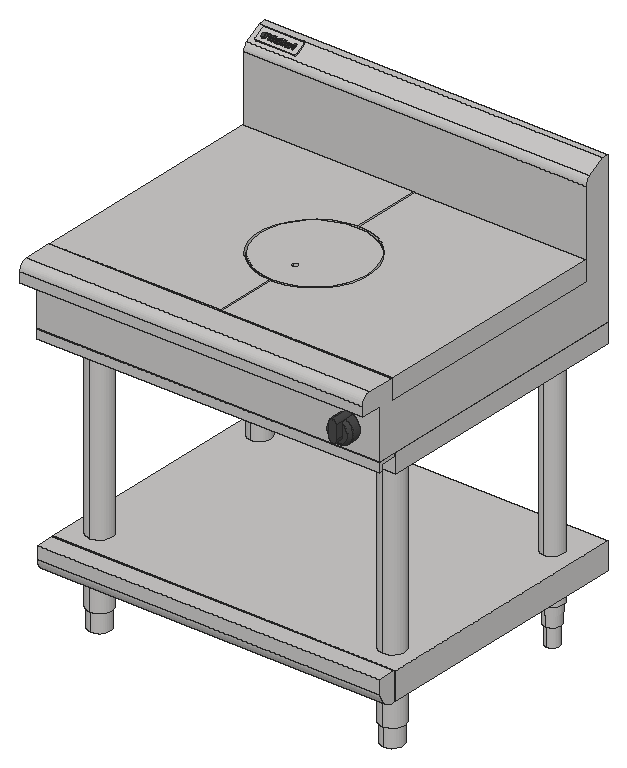
Revit family "QF_MOFFAT WALDORF_RN8100G-LS", category Specialty Equipment, Revit 2012
Parameters
  Width = 900 mm
  Weight in Pounds = 392.4224
  URL Cutsheet = "www.moffat.com"
  URL = "www.moffat.com"
  Type Mark [instance] = ""
  Status [instance] = ""
  Specification by User [instance] = ""
  Specification by Manufacturer = ""
  Show Logo [instance] = yes
  Show Clearance [instance] = yes
  Serial Number = ""
  Seismic Rating = ""
  SMACNA No = ""
  Revision Code [instance] = ""
  Omniclass Number and Title = ""
  NAFEM Spec ID Number = ""
  Model = "RN8100G-LS"
  Mechanical Remarks = ""
  Mechanical Connection Type [instance] = ""
  Masterspec = ""
  Manufacturer = "MOFFAT WALDORF"
  Item Number [instance] = ""
  Installed By [instance] = ""
  Identify Quantity as Lot [instance] = yes
  Height = 1130 mm
  Gas Size = 3/4"
  Gas RI Height [instance] = 0 mm
  Gas KW [instance] = 12.5
  Gas Input [instance] = 42652.0 Btu/h
  Gas Connection Height = 0 mm
  Furnished By [instance] = ""
  Foodservice Equipment Identifier [instance] = yes
  Description = "TARGET TOP GAS HOB ON LEG STAND"
  Depth = 805 mm
  CSI MasterFormat = ""
  CSI Master Format = ""
Reference planes
  plane 1 "BACK": y = 0
  plane 2: z = 0
  plane 3 "LEFT": x = 0
  plane 4 "RIGHT": x = 900
  plane 5 "FRONT": y = -805
  plane 6 "TOP": z = 1130
  plane 7 "Center Y": x = 450
  plane 8 "Center X": y = -402.5
  plane 9: x = 280
  plane 10: y = -574.272
  plane 11: x = 60
  plane 12: y = -304.972
  plane 13: y = -364.972
  plane 14: x = 74
  plane 15: y = -805
  plane 16: x = 834.5
  plane 17: y = -32
  plane 18: z = 655
Forms (mm)
  Extrusion 1, solid, material "QF_Finishes_Stainless Steel"
    sketch origin (0, 0, 0) x (0, 1, 0) y (0, 0, 1)
      loop
        line (0, 150) -> (0, 222.5) -> (-696.73, 222.5) -> (-696.73, 150) -> (0, 150)
      loop
        line (-16.5, 1130) -> (-58.709, 1105.631)
        arc (-58.709, 1105.631) -> (-66.975, 1097.365) -> (-70, 1086.074) r 22.582
        line (-70, 1086.074) -> (-70, 861.8) -> (-709, 861.8) -> (-709, 915) -> (-781, 915)
        arc (-781, 915) -> (-797.971, 907.971) -> (-805, 891) r 24
        line (-805, 891) -> (-805, 866) -> (-749, 866) -> (-749, 736.219) -> (0, 736.219) -> (0, 1130) -> (-16.5, 1130)
      loop
        line (-700.93, 150.071) -> (-700.93, 222.5) -> (-746.73, 222.5) -> (-746.73, 188)
        arc (-746.73, 188) -> (-731.317, 159.995) -> (-700.93, 150.071) r 43.526
      loop
        line (-749, 710) -> (-740.224, 710) -> (-742.613, 726.999) -> (-700.93, 726.999) -> (-700.93, 734.003) -> (-749, 734.003) -> (-749, 710)
      loop
        line (-696.73, 734.003) -> (-696.73, 684.003) -> (0, 684.003) -> (0, 734.003) -> (-696.73, 734.003)
    from 0 to 900
  Extrusion 2, solid, material "QF_Finishes_Stainless Steel"
    sketch origin (0, 0, 0) x (0, 1, 0) y (0, 0, 1)
      loop
        line (-72.734, 915) -> (-705.7, 915) -> (-705.7, 862.8) -> (-72.734, 862.8) -> (-72.734, 915)
    from 0 to 900
  Revolve 3, solid, material "QF_Finishes_Black"
    sketch origin (824.351, 38.874, 1.132) x (0, 1, 0) y (0, 0, 1)
      loop
        line (-820.874, 829.5) -> (-831.874, 823.651) -> (-831.874, 797) -> (-787.874, 797) -> (-787.874, 802) -> (-797.874, 802) -> (-797.874, 829.5) -> (-820.874, 829.5)
      axis (-831.874, 797) -> (-787.874, 797)
    angle from 0 to 360
  Extrusion 4, solid, material "QF_Finishes_Black"
    sketch origin (676.544, 0, 1.132) x (1, 0, 0) y (0, 0, 1)
      loop
        line (158.3, 789) -> (158.3, 824)
        arc (158.3, 824) -> (148.3, 834) -> (138.3, 824) r 10
        line (138.3, 824) -> (138.3, 789)
        arc (138.3, 789) -> (148.3, 779) -> (158.3, 789) r 10
    from 759 to 808
  Extrusion 5, void
    sketch origin (0, -138, 915) x (1, 0, 0) y (0, -1, 0)
      loop
        circle (450, 262.2) r 140
      loop
        arc (452.2, 117.22) -> (594.802, 262.404) -> (451.798, 407.193) r 145.003
        line (451.798, 407.193) -> (451.798, 567.7) -> (447.7, 567.7) -> (447.7, 407.17)
        arc (447.7, 407.17) -> (305.533, 262.063) -> (447.967, 117.217) r 145.002
        line (447.967, 117.217) -> (447.967, -65.266) -> (452.2, -65.266) -> (452.2, 117.22)
      loop
        circle (450, 324.79) r 7.524
    from 0 to 10
  Revolve 6, solid, material "QF_Finishes_Stainless Steel"
    sketch origin (834.5, -165, 0) x (0, 1, 0) y (0, 0, -1)
      loop
        line (43.25, -50) -> (41.418, -102.468) -> (36.406, -102.468) -> (36.406, -150) -> (65, -150) -> (65, 0) -> (47.5, 0) -> (47.5, -50) -> (43.25, -50)
      loop
        line (65, -222.5) -> (36.406, -222.5) -> (36.406, -684.003) -> (65, -684.003) -> (65, -222.5)
      axis (65, -684.003) -> (65, 0)
    angle from 0 to 360
  Revolve 7, solid, material "QF_Finishes_Stainless Steel"
    sketch origin (834.5, -696.126, 0) x (0, 1, 0) y (0, 0, -1)
      loop
        line (39.376, -150) -> (71.126, -150) -> (71.126, 0) -> (43.626, 0) -> (43.626, -50) -> (39.376, -50) -> (39.376, -150)
      loop
        line (71.126, -222.5) -> (39.376, -222.5) -> (39.376, -684.003) -> (71.126, -684.003) -> (71.126, -222.5)
      axis (71.126, -684.003) -> (71.126, 0)
    angle from 0 to 360
  Revolve 8, solid, material "QF_Finishes_Stainless Steel"
    sketch origin (65.5, -165, 0) x (0, 1, 0) y (0, 0, 1)
      loop
        line (41.418, 102.468) -> (43.25, 50) -> (47.5, 50) -> (47.5, 0) -> (65, 0) -> (65, 150) -> (36.406, 150) -> (36.406, 102.468) -> (41.418, 102.468)
      loop
        line (36.406, 684.003) -> (36.406, 222.5) -> (65, 222.5) -> (65, 684.003) -> (36.406, 684.003)
      axis (65, 684.003) -> (65, 0)
    angle from 0 to 360
  Revolve 9, solid, material "QF_Finishes_Stainless Steel"
    sketch origin (65.5, -696.126, 0) x (0, 1, 0) y (0, 0, 1)
      loop
        line (39.376, 150) -> (39.376, 50) -> (43.626, 50) -> (43.626, 0) -> (71.126, 0) -> (71.126, 150) -> (39.376, 150)
      loop
        line (71.126, 222.5) -> (71.126, 684.003) -> (39.376, 684.003) -> (39.376, 222.5) -> (71.126, 222.5)
      axis (71.126, 684.003) -> (71.126, 0)
    angle from 0 to 360
  Extrusion 10, solid, material "QF_Finishes_Stainless Steel"
    sketch origin (-64.5, 0, 325) x (1, 0, 0) y (0, 1, 0)
      loop
        circle (834.5, -32) r 10
    from 330 to 355
Cuts and joins
  Extrusion 5 cuts Extrusion 1
  Extrusion 5 cuts Extrusion 2
Lines and regions (mm)
  Split face 1
    outline origin (0, -16.5, 1130) x (0, -0.866025, -0.5) y (1, 0, 0)
      loop
        line (1.962, 129.583) -> (34.599, 129.583) -> (34.599, 149.583) -> (1.962, 149.583) -> (1.962, 129.583)
  Split face 2
    outline origin (0, -16.5, 1130) x (0, -0.866025, -0.5) y (1, 0, 0)
      loop
        line (34.599, 156.5) -> (34.599, 176.5) -> (1.962, 176.5) -> (1.962, 156.5) -> (34.599, 156.5)
  Split face 3
    outline origin (0, -16.5, 1130) x (0, -0.866025, -0.5) y (1, 0, 0)
      loop
        line (34.599, 203.5) -> (1.962, 203.5) -> (1.962, 183.5) -> (34.599, 183.5) -> (34.599, 203.5)
  Split face 4
    outline origin (0, -16.5, 1130) x (0, -0.866025, -0.5) y (1, 0, 0)
      loop
        line (34.599, 230.5) -> (1.962, 230.5) -> (1.962, 210.5) -> (34.599, 210.5) -> (34.599, 230.5)
  Split face 5
    outline origin (0, -16.5, 1130) x (0, -0.866025, -0.5) y (1, 0, 0)
      loop
        line (34.599, 257.5) -> (1.962, 257.5) -> (1.962, 237.5) -> (34.599, 237.5) -> (34.599, 257.5)
  Split face 6
    outline origin (0, -16.5, 1130) x (0, -0.866025, -0.5) y (1, 0, 0)
      loop
        line (34.599, 264.5) -> (34.599, 284.5) -> (1.962, 284.5) -> (1.962, 264.5) -> (34.599, 264.5)
  Split face 7
    outline origin (0, -16.5, 1130) x (0, -0.866025, -0.5) y (1, 0, 0)
      loop
        line (34.599, 311.5) -> (1.962, 311.5) -> (1.962, 291.5) -> (34.599, 291.5) -> (34.599, 311.5)
  Split face 8
    outline origin (0, -16.5, 1130) x (0, -0.866025, -0.5) y (1, 0, 0)
      loop
        line (1.962, 638.5) -> (1.962, 618.5) -> (34.599, 618.5) -> (34.599, 638.5) -> (1.962, 638.5)
  Split face 9
    outline origin (0, -16.5, 1130) x (0, -0.866025, -0.5) y (1, 0, 0)
      loop
        line (1.962, 645.5) -> (34.599, 645.5) -> (34.599, 665.5) -> (1.962, 665.5) -> (1.962, 645.5)
  Split face 10
    outline origin (0, -16.5, 1130) x (0, -0.866025, -0.5) y (1, 0, 0)
      loop
        line (34.599, 672.5) -> (34.599, 692.5) -> (1.962, 692.5) -> (1.962, 672.5) -> (34.599, 672.5)
  Split face 11
    outline origin (0, -16.5, 1130) x (0, -0.866025, -0.5) y (1, 0, 0)
      loop
        line (34.599, 699.5) -> (34.599, 719.5) -> (1.962, 719.5) -> (1.962, 699.5) -> (34.599, 699.5)
  Split face 12
    outline origin (0, -16.5, 1130) x (0, -0.866025, -0.5) y (1, 0, 0)
      loop
        line (34.599, 726.5) -> (34.599, 746.5) -> (1.962, 746.5) -> (1.962, 726.5) -> (34.599, 726.5)
  Split face 13
    outline origin (0, -16.5, 1130) x (0, -0.866025, -0.5) y (1, 0, 0)
      loop
        line (1.962, 753.5) -> (34.599, 753.5) -> (34.599, 773.5) -> (1.962, 773.5) -> (1.962, 753.5)
  Split face 14
    outline origin (29.312, -16.5, 1130) x (0, -0.866025, -0.5) y (1, 0, 0)
      loop
        line (34.599, 311.5) -> (1.962, 311.5) -> (1.962, 291.5) -> (34.599, 291.5) -> (34.599, 311.5)
  Split face 15
    outline origin (58.539, -16.5, 1130) x (0, -0.866025, -0.5) y (1, 0, 0)
      loop
        line (34.599, 311.5) -> (1.962, 311.5) -> (1.962, 291.5) -> (34.599, 291.5) -> (34.599, 311.5)
  Split face 16
    outline origin (85.538, -16.5, 1130) x (0, -0.866025, -0.5) y (1, 0, 0)
      loop
        line (34.599, 311.5) -> (1.962, 311.5) -> (1.962, 291.5) -> (34.599, 291.5) -> (34.599, 311.5)
  Split face 17
    outline origin (111.014, -16.5, 1130) x (0, -0.866025, -0.5) y (1, 0, 0)
      loop
        line (34.599, 311.5) -> (1.962, 311.5) -> (1.962, 291.5) -> (34.599, 291.5) -> (34.599, 311.5)
  Split face 18
    outline origin (137.462, -16.5, 1130) x (0, -0.866025, -0.5) y (1, 0, 0)
      loop
        line (34.599, 311.5) -> (1.962, 311.5) -> (1.962, 291.5) -> (34.599, 291.5) -> (34.599, 311.5)
  Split face 19
    outline origin (163.546, -16.5, 1130) x (0, -0.866025, -0.5) y (1, 0, 0)
      loop
        line (34.599, 311.5) -> (1.962, 311.5) -> (1.962, 291.5) -> (34.599, 291.5) -> (34.599, 311.5)
  Split face 20
    outline origin (189.443, -16.5, 1130) x (0, -0.866025, -0.5) y (1, 0, 0)
      loop
        line (34.599, 311.5) -> (1.962, 311.5) -> (1.962, 291.5) -> (34.599, 291.5) -> (34.599, 311.5)
  Split face 21
    outline origin (215.891, -16.5, 1130) x (0, -0.866025, -0.5) y (1, 0, 0)
      loop
        line (34.599, 311.5) -> (1.962, 311.5) -> (1.962, 291.5) -> (34.599, 291.5) -> (34.599, 311.5)
  Split face 22
    outline origin (246.196, -16.5, 1130) x (0, -0.866025, -0.5) y (1, 0, 0)
      loop
        line (34.599, 311.5) -> (1.962, 311.5) -> (1.962, 291.5) -> (34.599, 291.5) -> (34.599, 311.5)
  Split face 23
    outline origin (274.297, -16.5, 1130) x (0, -0.866025, -0.5) y (1, 0, 0)
      loop
        line (34.599, 311.5) -> (1.962, 311.5) -> (1.962, 291.5) -> (34.599, 291.5) -> (34.599, 311.5)
  Split face 24
    outline origin (299.643, -16.5, 1130) x (0, -0.866025, -0.5) y (1, 0, 0)
      loop
        line (34.599, 311.5) -> (1.962, 311.5) -> (1.962, 291.5) -> (34.599, 291.5) -> (34.599, 311.5)
  symbolic lines
    curve 1: line (0, 0, 0) -> (0, -805, 0)
    curve 2: line (900, 0, 0) -> (0, 0, 0)
    curve 3: line (900, -805, 0) -> (900, 0, 0)
    curve 4: line (0, -70, 0) -> (900, -70, 0)
    curve 5: line (12.5, -51.234, 0) -> (12.5, -20.958, 0)
    curve 6: line (12.5, -20.958, 0) -> (121.5, -20.958, 0)
    curve 7: line (12.5, -51.234, 0) -> (121.5, -51.234, 0)
    curve 8: line (121.5, -20.958, 0) -> (121.5, -51.234, 0)
    curve 9: line (129.583, -22.262, 0) -> (129.583, -50.526, 0)
    curve 10: line (129.583, -50.526, 0) -> (149.583, -50.526, 0)
    curve 11: line (149.583, -50.526, 0) -> (149.583, -22.262, 0)
    curve 12: line (149.583, -22.262, 0) -> (129.583, -22.262, 0)
    curve 13: line (156.5, -22.262, 0) -> (156.5, -50.526, 0)
    curve 14: line (156.5, -50.526, 0) -> (176.5, -50.526, 0)
    curve 15: line (176.5, -50.526, 0) -> (176.5, -22.262, 0)
    curve 16: line (176.5, -22.262, 0) -> (156.5, -22.262, 0)
    curve 17: line (183.5, -22.262, 0) -> (183.5, -50.526, 0)
    curve 18: line (183.5, -50.526, 0) -> (203.5, -50.526, 0)
    curve 19: line (203.5, -50.526, 0) -> (203.5, -22.262, 0)
    curve 20: line (203.5, -22.262, 0) -> (183.5, -22.262, 0)
    curve 21: line (210.5, -22.262, 0) -> (210.5, -50.526, 0)
    curve 22: line (210.5, -50.526, 0) -> (230.5, -50.526, 0)
    curve 23: line (230.5, -50.526, 0) -> (230.5, -22.262, 0)
    curve 24: line (230.5, -22.262, 0) -> (210.5, -22.262, 0)
    curve 25: line (900, -805, 0) -> (0, -805, 0)
    curve 26: line (237.5, -22.262, 0) -> (237.5, -50.526, 0)
    curve 27: line (237.5, -50.526, 0) -> (257.5, -50.526, 0)
    curve 28: line (257.5, -50.526, 0) -> (257.5, -22.262, 0)
    curve 29: line (257.5, -22.262, 0) -> (237.5, -22.262, 0)
    curve 30: line (264.417, -22.262, 0) -> (264.417, -50.526, 0)
    curve 31: line (264.417, -50.526, 0) -> (284.417, -50.526, 0)
    curve 32: line (284.417, -50.526, 0) -> (284.417, -22.262, 0)
    curve 33: line (284.417, -22.262, 0) -> (264.417, -22.262, 0)
    curve 34: line (291.417, -22.262, 0) -> (291.417, -50.526, 0)
    curve 35: line (291.417, -50.526, 0) -> (311.417, -50.526, 0)
    curve 36: line (311.417, -50.526, 0) -> (311.417, -22.262, 0)
    curve 37: line (311.417, -22.262, 0) -> (291.417, -22.262, 0)
    curve 38: line (318.417, -22.262, 0) -> (318.417, -50.526, 0)
    curve 39: line (318.417, -50.526, 0) -> (338.417, -50.526, 0)
    curve 40: line (338.417, -50.526, 0) -> (338.417, -22.262, 0)
    curve 41: line (338.417, -22.262, 0) -> (318.417, -22.262, 0)
    curve 42: line (350.039, -22.262, 0) -> (350.039, -50.526, 0)
    curve 43: line (350.039, -50.526, 0) -> (370.039, -50.526, 0)
    curve 44: line (370.039, -50.526, 0) -> (370.039, -22.262, 0)
    curve 45: line (370.039, -22.262, 0) -> (350.039, -22.262, 0)
    curve 46: line (376.956, -22.262, 0) -> (376.956, -50.526, 0)
    curve 47: line (376.956, -50.526, 0) -> (396.956, -50.526, 0)
    curve 48: line (396.956, -50.526, 0) -> (396.956, -22.262, 0)
    curve 49: line (396.956, -22.262, 0) -> (376.956, -22.262, 0)
    curve 50: line (403.956, -22.262, 0) -> (403.956, -50.526, 0)
    curve 51: line (403.956, -50.526, 0) -> (423.956, -50.526, 0)
    curve 52: line (423.956, -50.526, 0) -> (423.956, -22.262, 0)
    curve 53: line (423.956, -22.262, 0) -> (403.956, -22.262, 0)
    curve 54: line (430.956, -22.262, 0) -> (430.956, -50.526, 0)
    curve 55: line (430.956, -50.526, 0) -> (450.956, -50.526, 0)
    curve 56: line (450.956, -50.526, 0) -> (450.956, -22.262, 0)
    curve 57: line (450.956, -22.262, 0) -> (430.956, -22.262, 0)
    curve 58: line (457.956, -22.262, 0) -> (457.956, -50.526, 0)
    curve 59: line (457.956, -50.526, 0) -> (477.956, -50.526, 0)
    curve 60: line (477.956, -50.526, 0) -> (477.956, -22.262, 0)
    curve 61: line (477.956, -22.262, 0) -> (457.956, -22.262, 0)
    curve 62: line (484.872, -22.262, 0) -> (484.872, -50.526, 0)
    curve 63: line (484.872, -50.526, 0) -> (504.872, -50.526, 0)
    curve 64: line (504.872, -50.526, 0) -> (504.872, -22.262, 0)
    curve 65: line (504.872, -22.262, 0) -> (484.872, -22.262, 0)
    curve 66: line (511.872, -22.262, 0) -> (511.872, -50.526, 0)
    curve 67: line (511.872, -50.526, 0) -> (531.872, -50.526, 0)
    curve 68: line (531.872, -50.526, 0) -> (531.872, -22.262, 0)
    curve 69: line (531.872, -22.262, 0) -> (511.872, -22.262, 0)
    curve 70: line (538.872, -22.262, 0) -> (538.872, -50.526, 0)
    curve 71: line (538.872, -50.526, 0) -> (558.872, -50.526, 0)
    curve 72: line (558.872, -50.526, 0) -> (558.872, -22.262, 0)
    curve 73: line (558.872, -22.262, 0) -> (538.872, -22.262, 0)
    curve 74: line (565.797, -22.262, 0) -> (565.797, -50.526, 0)
    curve 75: line (565.797, -50.526, 0) -> (585.797, -50.526, 0)
    curve 76: line (585.797, -50.526, 0) -> (585.797, -22.262, 0)
    curve 77: line (585.797, -22.262, 0) -> (565.797, -22.262, 0)
    curve 78: line (592.714, -22.262, 0) -> (592.714, -50.526, 0)
    curve 79: line (592.714, -50.526, 0) -> (612.714, -50.526, 0)
    curve 80: line (612.714, -50.526, 0) -> (612.714, -22.262, 0)
    curve 81: line (612.714, -22.262, 0) -> (592.714, -22.262, 0)
    curve 82: line (619.714, -22.262, 0) -> (619.714, -50.526, 0)
    curve 83: line (619.714, -50.526, 0) -> (639.714, -50.526, 0)
    curve 84: line (639.714, -50.526, 0) -> (639.714, -22.262, 0)
    curve 85: line (639.714, -22.262, 0) -> (619.714, -22.262, 0)
    curve 86: line (646.714, -22.262, 0) -> (646.714, -50.526, 0)
    curve 87: line (646.714, -50.526, 0) -> (666.714, -50.526, 0)
    curve 88: line (666.714, -50.526, 0) -> (666.714, -22.262, 0)
    curve 89: line (666.714, -22.262, 0) -> (646.714, -22.262, 0)
    curve 90: line (673.714, -22.262, 0) -> (673.714, -50.526, 0)
    curve 91: line (673.714, -50.526, 0) -> (693.714, -50.526, 0)
    curve 92: line (693.714, -50.526, 0) -> (693.714, -22.262, 0)
    curve 93: line (693.714, -22.262, 0) -> (673.714, -22.262, 0)
    curve 94: line (700.631, -22.262, 0) -> (700.631, -50.526, 0)
    curve 95: line (700.631, -50.526, 0) -> (720.631, -50.526, 0)
    curve 96: line (720.631, -50.526, 0) -> (720.631, -22.262, 0)
    curve 97: line (720.631, -22.262, 0) -> (700.631, -22.262, 0)
    curve 98: line (727.631, -22.262, 0) -> (727.631, -50.526, 0)
    curve 99: line (727.631, -50.526, 0) -> (747.631, -50.526, 0)
    curve 100: line (747.631, -50.526, 0) -> (747.631, -22.262, 0)
    curve 101: line (747.631, -22.262, 0) -> (727.631, -22.262, 0)
    curve 102: line (754.631, -22.262, 0) -> (754.631, -50.526, 0)
    curve 103: line (754.631, -50.526, 0) -> (774.631, -50.526, 0)
    curve 104: line (774.631, -50.526, 0) -> (774.631, -22.262, 0)
    curve 105: line (774.631, -22.262, 0) -> (754.631, -22.262, 0)
    curve 106: line (447.967, -72.734, 0) -> (447.967, -255.217, 0)
    curve 107: arc (452.2, -255.22, 0) -> (594.802, -400.404, 0) -> (451.798, -545.193, 0) r 145.003
    curve 108: line (452.2, -255.22, 0) -> (452.2, -72.734, 0)
    curve 109: arc (590, -400.2, 0) -> (450, -260.2, 0) -> (310, -400.2, 0) r 140
    curve 110: arc (447.7, -545.17, 0) -> (305.533, -400.063, 0) -> (447.967, -255.217, 0) r 145.002
    curve 111: arc (310, -400.2, 0) -> (450, -540.2, 0) -> (590, -400.2, 0) r 140
    curve 112: line (451.798, -705.7, 0) -> (451.798, -545.193, 0)
    curve 113: line (447.7, -545.17, 0) -> (447.7, -705.7, 0)
    curve 114: line (900, -709, 0) -> (0, -709, 0)
    curve 115: line (0, -705.7, 0) -> (900, -705.7, 0)
    curve 116: line (900, -72.734, 0) -> (0, -72.734, 0)
    curve 117: arc (442.476, -462.79, 0) -> (450, -455.266, 0) -> (457.524, -462.79, 0) r 7.524
    curve 118: arc (457.524, -462.79, 0) -> (450, -470.314, 0) -> (442.476, -462.79, 0) r 7.524
Dimensions and locks
  equal spacing: plane 3 "LEFT", plane 7 "Center Y", plane 4 "RIGHT"
  "Width": plane 3 "LEFT" to plane 4 "RIGHT"
  equal spacing: plane 5 "FRONT", plane 8 "Center X", plane 1 "BACK"
  plane 5 "FRONT" to plane 1 "BACK" = 805 mm  (x2)
  equal spacing: plane 4 "RIGHT", plane 7 "Center Y", plane 3 "LEFT"
  plane 4 "RIGHT" to plane 3 "LEFT" = 900 mm
  "Height": plane 6 "TOP" to level
  plane 10 to plane 1 "BACK" = 574.272 mm
  plane 12 to plane 1 "BACK" = 304.972 mm  (x2)
  plane 11 to plane 3 "LEFT" = 60 mm
  plane 14 to plane 3 "LEFT" = 74 mm
  plane 9 to plane 3 "LEFT" = 280 mm
  "Depth": plane 1 "BACK" to plane 15
  plane 15 to plane 5 "FRONT" = 0 mm
  plane 6 "TOP" to plane 2 = 1130 mm
  cut or joined group of Extrusion 1, Extrusion 5 to level = 915 mm
  level to cut or joined group of Extrusion 1, Extrusion 5 = 150 mm
  aligned and locked: level to plane 2
  aligned and locked: curve 3 to plane 4 "RIGHT"
  aligned and locked: Extrusion 1 to Extrusion 2  (x2)
Automatic sketch dimensions
  Extrusion 1 to Split face 1 sketch curve = 1.962 mm
  Split face 1 sketch curve to Extrusion 1 = 14.14 mm
  Split face 1 sketch curve to Extrusion 1 = 129.583 mm
  Split face 1 sketch curve to Split face 1 sketch curve = 20 mm
  Extrusion 1 to Split face 2 sketch curve = 1.962 mm
  Split face 2 sketch curve to Extrusion 1 = 14.14 mm
  Split face 2 sketch curve to Extrusion 1 = 156.5 mm
  Split face 2 sketch curve to Split face 2 sketch curve = 20 mm
  Extrusion 1 to Split face 3 sketch curve = 1.962 mm
  Split face 3 sketch curve to Extrusion 1 = 14.14 mm
  Split face 3 sketch curve to Extrusion 1 = 183.5 mm
  Split face 3 sketch curve to Split face 3 sketch curve = 20 mm
  Extrusion 1 to Split face 4 sketch curve = 1.962 mm
  Split face 4 sketch curve to Extrusion 1 = 14.14 mm
  Split face 4 sketch curve to Extrusion 1 = 210.5 mm
  Split face 4 sketch curve to Split face 4 sketch curve = 20 mm
  Extrusion 1 to Split face 5 sketch curve = 1.962 mm
  Split face 5 sketch curve to Extrusion 1 = 14.14 mm
  Split face 5 sketch curve to Extrusion 1 = 237.5 mm
  Split face 5 sketch curve to Split face 5 sketch curve = 20 mm
  Extrusion 1 to Split face 6 sketch curve = 1.962 mm
  Split face 6 sketch curve to Extrusion 1 = 14.14 mm
  Split face 6 sketch curve to Extrusion 1 = 264.5 mm
  Split face 6 sketch curve to Split face 6 sketch curve = 20 mm
  Extrusion 1 to Split face 7 sketch curve = 1.962 mm
  Split face 7 sketch curve to Extrusion 1 = 14.14 mm
  Split face 7 sketch curve to Extrusion 1 = 291.5 mm
  Split face 7 sketch curve to Split face 7 sketch curve = 20 mm
  Extrusion 1 to Split face 8 sketch curve = 1.962 mm
  Split face 8 sketch curve to Extrusion 1 = 14.14 mm
  Split face 8 sketch curve to Extrusion 1 = 281.5 mm
  Split face 8 sketch curve to Split face 8 sketch curve = 20 mm
  Extrusion 1 to Split face 9 sketch curve = 1.962 mm
  Split face 9 sketch curve to Extrusion 1 = 14.14 mm
  Split face 9 sketch curve to Extrusion 1 = 254.5 mm
  Split face 9 sketch curve to Split face 9 sketch curve = 20 mm
  Extrusion 1 to Split face 10 sketch curve = 1.962 mm
  Split face 10 sketch curve to Extrusion 1 = 14.14 mm
  Split face 10 sketch curve to Extrusion 1 = 227.5 mm
  Split face 10 sketch curve to Split face 10 sketch curve = 20 mm
  Extrusion 1 to Split face 11 sketch curve = 1.962 mm
  Split face 11 sketch curve to Extrusion 1 = 14.14 mm
  Split face 11 sketch curve to Extrusion 1 = 200.5 mm
  Split face 11 sketch curve to Split face 11 sketch curve = 20 mm
  Extrusion 1 to Split face 12 sketch curve = 1.962 mm
  Split face 12 sketch curve to Extrusion 1 = 14.14 mm
  Split face 12 sketch curve to Extrusion 1 = 173.5 mm
  Split face 12 sketch curve to Split face 12 sketch curve = 20 mm
  Extrusion 1 to Split face 13 sketch curve = 1.962 mm
  Split face 13 sketch curve to Extrusion 1 = 14.14 mm
  Split face 13 sketch curve to Extrusion 1 = 146.5 mm
  Split face 13 sketch curve to Split face 13 sketch curve = 20 mm
  Extrusion 2 sketch curve to plane 5 "FRONT" = 99.3 mm
  Extrusion 2 sketch curve to plane 17 = 40.734 mm
  plane 18 to Extrusion 2 sketch curve = 207.8 mm
  Extrusion 2 sketch curve to Extrusion 2 sketch curve = 52.2 mm
  Extrusion 1 to Split face 14 sketch curve = 1.962 mm
  Split face 14 sketch curve to Extrusion 1 = 14.14 mm
  Split face 14 sketch curve to Extrusion 1 = 320.812 mm
  Split face 14 sketch curve to Split face 14 sketch curve = 20 mm
  Extrusion 1 to Split face 15 sketch curve = 1.962 mm
  Split face 15 sketch curve to Extrusion 1 = 14.14 mm
  Split face 15 sketch curve to Extrusion 1 = 350.039 mm
  Split face 15 sketch curve to Split face 15 sketch curve = 20 mm
  Extrusion 1 to Split face 16 sketch curve = 1.962 mm
  Split face 16 sketch curve to Extrusion 1 = 14.14 mm
  Split face 16 sketch curve to Extrusion 1 = 377.038 mm
  Split face 16 sketch curve to Split face 16 sketch curve = 20 mm
  Extrusion 1 to Split face 17 sketch curve = 1.962 mm
  Split face 17 sketch curve to Extrusion 1 = 14.14 mm
  Split face 17 sketch curve to Extrusion 1 = 402.514 mm
  Split face 17 sketch curve to Split face 17 sketch curve = 20 mm
  Extrusion 1 to Split face 18 sketch curve = 1.962 mm
  Split face 18 sketch curve to Extrusion 1 = 14.14 mm
  Split face 18 sketch curve to Extrusion 1 = 428.962 mm
  Split face 18 sketch curve to Split face 18 sketch curve = 20 mm
  Extrusion 1 to Split face 19 sketch curve = 1.962 mm
  Split face 19 sketch curve to Extrusion 1 = 14.14 mm
  Split face 19 sketch curve to Extrusion 1 = 444.954 mm
  Split face 19 sketch curve to Split face 19 sketch curve = 20 mm
  Extrusion 1 to Split face 20 sketch curve = 1.962 mm
  Split face 20 sketch curve to Extrusion 1 = 14.14 mm
  Split face 20 sketch curve to Extrusion 1 = 419.057 mm
  Split face 20 sketch curve to Split face 20 sketch curve = 20 mm
  Extrusion 1 to Split face 21 sketch curve = 1.962 mm
  Split face 21 sketch curve to Extrusion 1 = 14.14 mm
  Split face 21 sketch curve to Extrusion 1 = 392.609 mm
  Split face 21 sketch curve to Split face 21 sketch curve = 20 mm
  Extrusion 1 to Split face 22 sketch curve = 1.962 mm
  Split face 22 sketch curve to Extrusion 1 = 14.14 mm
  Split face 22 sketch curve to Extrusion 1 = 362.304 mm
  Split face 22 sketch curve to Split face 22 sketch curve = 20 mm
  Extrusion 1 to Split face 23 sketch curve = 1.962 mm
  Split face 23 sketch curve to Extrusion 1 = 14.14 mm
  Split face 23 sketch curve to Extrusion 1 = 334.203 mm
  Split face 23 sketch curve to Split face 23 sketch curve = 20 mm
  Extrusion 1 to Split face 24 sketch curve = 1.962 mm
  Split face 24 sketch curve to Extrusion 1 = 14.14 mm
  Split face 24 sketch curve to Extrusion 1 = 308.857 mm
  Split face 24 sketch curve to Split face 24 sketch curve = 20 mm
  Revolve 3 sketch curve to plane 5 "FRONT" = 12 mm
  Revolve 3 sketch curve to Revolve 3 sketch curve = 0 mm  (x2)
  Revolve 3 sketch curve to Revolve 3 sketch curve = 11 mm
  Revolve 3 sketch curve to Revolve 3 sketch curve = 12.7 mm
  Revolve 3 sketch curve to Revolve 3 sketch curve = 23 mm
  Revolve 3 sketch curve to Revolve 3 sketch curve = 10 mm
  plane 18 to Revolve 3 sketch curve = 143.132 mm
  Revolve 3 sketch curve to Revolve 3 sketch curve = 5 mm
  Revolve 3 sketch curve to Revolve 3 sketch curve = 26.651 mm
  Revolve 3 sketch curve to Revolve 3 sketch curve = 5.849 mm
  Extrusion 4 sketch curve to plane 16 = 19.656 mm
  Extrusion 4 sketch curve to plane 16 = 9.656 mm
  plane 18 to Extrusion 4 sketch curve = 135.132 mm
  Extrusion 4 sketch curve to Extrusion 4 sketch curve = 35 mm
  Extrusion 5 sketch curve to Extrusion 2 = 0 mm
  Extrusion 2 to Extrusion 5 sketch curve = 0 mm
  Extrusion 2 to Extrusion 5 sketch curve = 160.53 mm
  Extrusion 2 to Extrusion 5 sketch curve = 447.7 mm
  Extrusion 2 to Extrusion 5 sketch curve = 447.967 mm
  Extrusion 5 sketch curve to Extrusion 5 sketch curve = 2.099 mm
  Extrusion 5 sketch curve to Extrusion 5 sketch curve = 0.201 mm  (x2)
  Extrusion 5 sketch curve to Extrusion 5 sketch curve = 0.535 mm
  Extrusion 5 sketch curve to Extrusion 5 sketch curve = 4.098 mm
  Extrusion 5 sketch curve to Extrusion 5 sketch curve = 4.232 mm
  Extrusion 5 sketch curve to Extrusion 5 sketch curve = 0.022 mm
  Extrusion 5 sketch curve to Extrusion 5 sketch curve = 82.38 mm
  Extrusion 5 sketch curve to Extrusion 5 sketch curve = 62.587 mm
  Extrusion 5 sketch curve to Extrusion 5 sketch curve = 0.003 mm
  Extrusion 5 sketch curve to Extrusion 5 sketch curve = 0.004 mm
  Extrusion 10 sketch curve to plane 17 = 0 mm
  Extrusion 10 sketch curve to plane 16 = 64.5 mm
  plane 1 "BACK" to curve 1 = 0 mm
  curve 1 to plane 3 "LEFT" = 0 mm
  curve 117 to plane 7 "Center Y" = 0 mm
  curve 111 to plane 7 "Center Y" = 0 mm
  plane 3 "LEFT" to curve 6 = 12.5 mm
  plane 17 to curve 8 = 11.042 mm
  plane 14 to curve 8 = 47.5 mm
  curve 7 to curve 9 = 8.083 mm
  curve 9 to curve 11 = 20 mm
  curve 10 to curve 13 = 6.917 mm
  curve 13 to curve 15 = 20 mm
  curve 15 to curve 20 = 7 mm
  curve 17 to curve 18 = 20 mm
  curve 19 to curve 24 = 7 mm
  curve 21 to curve 22 = 20 mm
  curve 23 to curve 26 = 7 mm
  plane 17 to curve 28 = 9.738 mm
  curve 26 to curve 28 = 20 mm
  curve 27 to curve 30 = 6.917 mm
  plane 9 to curve 32 = 4.417 mm
  curve 32 to curve 34 = 7 mm
  plane 8 "Center X" to curve 111 = 2.3 mm
  plane 9 to curve 111 = 30 mm
  curve 34 to curve 35 = 20 mm
  curve 35 to curve 39 = 7 mm
  plane 17 to curve 41 = 9.738 mm
  curve 38 to curve 41 = 20 mm
  curve 40 to curve 42 = 11.622 mm
  plane 17 to curve 45 = 9.738 mm
  curve 42 to curve 45 = 20 mm
  curve 43 to curve 47 = 6.917 mm
  curve 46 to curve 48 = 20 mm
  curve 47 to curve 51 = 7 mm
  curve 50 to curve 52 = 20 mm
  curve 51 to curve 55 = 7 mm
  curve 118 to plane 7 "Center Y" = 7.524 mm
  curve 110 to plane 7 "Center Y" = 2.3 mm
  curve 106 to plane 7 "Center Y" = 2.033 mm
  curve 107 to plane 7 "Center Y" = 0.201 mm
  plane 7 "Center Y" to curve 110 = 0.535 mm
  plane 7 "Center Y" to curve 55 = 0.956 mm
  plane 7 "Center Y" to curve 107 = 1.798 mm
  plane 7 "Center Y" to curve 108 = 2.2 mm
  curve 56 to curve 58 = 7 mm
  plane 17 to curve 60 = 9.738 mm
  curve 58 to curve 60 = 20 mm
  curve 60 to curve 62 = 6.917 mm
  curve 62 to curve 64 = 20 mm
  curve 63 to curve 66 = 7 mm
  plane 17 to curve 69 = 9.738 mm
  curve 66 to curve 69 = 20 mm
  curve 67 to curve 70 = 7 mm
  curve 70 to curve 72 = 20 mm
  curve 71 to curve 74 = 6.924 mm
  plane 17 to curve 76 = 9.738 mm
  curve 74 to curve 76 = 20 mm
  curve 76 to curve 78 = 6.917 mm
  curve 78 to curve 80 = 20 mm
  curve 79 to curve 82 = 7 mm
  curve 82 to curve 83 = 20 mm
  curve 84 to curve 86 = 7 mm
  curve 86 to curve 87 = 20 mm
  curve 88 to curve 90 = 7 mm
  curve 90 to curve 91 = 20 mm
  curve 92 to curve 97 = 6.917 mm
  plane 17 to curve 96 = 9.738 mm
  curve 94 to curve 96 = 20 mm
  curve 95 to curve 99 = 7 mm
  curve 98 to curve 99 = 20 mm
  curve 100 to curve 105 = 7 mm
  plane 17 to curve 105 = 9.738 mm
  curve 102 to curve 105 = 20 mm
  curve 3 to curve 114 = 96 mm
  curve 114 to curve 115 = 3.3 mm
  plane 10 to curve 107 = 29.08 mm
  curve 112 to curve 110 = 0.022 mm
  curve 117 to plane 8 "Center X" = 60.29 mm
  curve 107 to curve 109 = 0.003 mm
  curve 109 to curve 110 = 0.004 mm
  curve 106 to plane 17 = 40.734 mm
  curve 116 to curve 4 = 2.734 mm
  curve 5 to plane 17 = 19.234 mm
  curve 17 to plane 17 = 18.526 mm
  curve 26 to plane 17 = 18.526 mm
  curve 15 to curve 17 = 0 mm
  curve 27 to curve 30 = 0 mm
  curve 18 to curve 22 = 0 mm
  curve 11 to curve 13 = 0 mm
  curve 31 to curve 34 = 0 mm
  curve 35 to curve 38 = 0 mm
  curve 104 to plane 17 = 18.526 mm
  curve 39 to curve 42 = 0 mm
  curve 100 to curve 102 = 0 mm
  curve 43 to curve 46 = 0 mm
  curve 96 to curve 98 = 0 mm  (x2)
  curve 47 to curve 50 = 0 mm
  curve 92 to curve 94 = 0 mm
  curve 51 to curve 54 = 0 mm
  curve 88 to curve 90 = 0 mm  (x2)
  curve 55 to curve 58 = 0 mm
  curve 84 to curve 86 = 0 mm  (x2)
  curve 59 to curve 62 = 0 mm
  curve 80 to curve 82 = 0 mm  (x2)
  curve 63 to curve 66 = 0 mm
  curve 76 to curve 78 = 0 mm  (x2)
  curve 67 to curve 70 = 0 mm
  curve 68 to curve 73 = 0 mm
  curve 60 to curve 65 = 0 mm
  plane 17 to curve 57 = 9.738 mm
  plane 17 to curve 53 = 9.738 mm
  curve 44 to curve 49 = 0 mm
  plane 17 to curve 37 = 9.738 mm
  curve 28 to curve 33 = 0 mm
  plane 17 to curve 24 = 9.738 mm
  plane 17 to curve 20 = 9.738 mm
  plane 17 to curve 16 = 9.738 mm
  curve 12 to curve 6 = 1.304 mm
  Extrusion 1 sketch curve to plane 5 "FRONT" = 0 mm
  Extrusion 1 sketch curve to plane 6 "TOP" = 0 mm
  Extrusion 1 sketch curve to plane 1 "BACK" = 0 mm  (x3)
  Extrusion 1 sketch curve to Extrusion 1 sketch curve = 24 mm
  Extrusion 1 sketch curve to plane 5 "FRONT" = 56 mm
  Extrusion 1 sketch curve to Extrusion 1 sketch curve = 0 mm  (x3)
  Extrusion 1 sketch curve to plane 5 "FRONT" = 58.27 mm
  Extrusion 1 sketch curve to Extrusion 1 sketch curve = 6.387 mm
  Extrusion 1 sketch curve to Extrusion 1 sketch curve = 8.776 mm
  Extrusion 1 sketch curve to Extrusion 1 sketch curve = 40 mm
  Extrusion 1 sketch curve to Extrusion 1 sketch curve = 43.174 mm
  Extrusion 1 sketch curve to Extrusion 1 sketch curve = 2.626 mm
  Extrusion 1 sketch curve to Extrusion 1 sketch curve = 41.683 mm
  Extrusion 1 sketch curve to Extrusion 1 sketch curve = 4.2 mm  (x3)
  Extrusion 1 sketch curve to plane 17 = 38 mm
  Extrusion 1 sketch curve to Extrusion 1 sketch curve = 11.291 mm
  Extrusion 1 sketch curve to plane 17 = 15.418 mm
  plane 17 to Extrusion 1 sketch curve = 15.5 mm
  Extrusion 1 sketch curve to plane 6 "TOP" = 24.369 mm
  Extrusion 1 sketch curve to plane 6 "TOP" = 215 mm
  Extrusion 1 sketch curve to Extrusion 1 sketch curve = 25 mm
  plane 18 to Extrusion 1 sketch curve = 81.219 mm
  Extrusion 1 sketch curve to Extrusion 1 sketch curve = 2.216 mm
  Extrusion 1 sketch curve to Extrusion 1 sketch curve = 7.004 mm
  Extrusion 1 sketch curve to Extrusion 1 sketch curve = 16.999 mm
  plane 18 to Extrusion 1 sketch curve = 29.003 mm
  level to Extrusion 1 sketch curve = 222.5 mm
  Extrusion 1 sketch curve to Extrusion 1 sketch curve = 28.982 mm
  Extrusion 1 sketch curve to Extrusion 1 sketch curve = 34.5 mm
  Extrusion 1 sketch curve to Extrusion 1 sketch curve = 0.071 mm
  Revolve 9 sketch curve to level = 0 mm
  plane 18 to Revolve 9 sketch curve = 29.003 mm
  Revolve 9 sketch curve to plane 10 = 82.478 mm
  Revolve 9 sketch curve to Revolve 9 sketch curve = 0 mm  (x2)
  Revolve 9 sketch curve to Revolve 9 sketch curve = 4.25 mm
  Revolve 9 sketch curve to Revolve 9 sketch curve = 27.5 mm
  Revolve 9 sketch curve to Revolve 9 sketch curve = 31.75 mm
  Revolve 9 sketch curve to plane 10 = 50.728 mm
  Revolve 9 sketch curve to level = 55 mm
  Revolve 9 sketch curve to Revolve 9 sketch curve = 50 mm
  Revolve 9 sketch curve to Revolve 9 sketch curve = 100 mm
  Revolve 9 sketch curve to Revolve 9 sketch curve = 72.5 mm
  Revolve 7 sketch curve to level = 0 mm
  Revolve 7 sketch curve to plane 10 = 82.478 mm
  plane 18 to Revolve 7 sketch curve = 29.003 mm
  Revolve 7 sketch curve to Revolve 7 sketch curve = 0 mm  (x2)
  Revolve 7 sketch curve to Revolve 7 sketch curve = 4.25 mm
  Revolve 7 sketch curve to Revolve 7 sketch curve = 27.5 mm
  Revolve 7 sketch curve to Revolve 7 sketch curve = 31.75 mm
  Revolve 7 sketch curve to plane 10 = 50.728 mm
  level to Revolve 7 sketch curve = 222.5 mm
  Revolve 7 sketch curve to Revolve 7 sketch curve = 72.5 mm
  level to Revolve 7 sketch curve = 50 mm
  Revolve 7 sketch curve to Revolve 7 sketch curve = 55 mm
  Revolve 8 sketch curve to level = 0 mm
  Revolve 8 sketch curve to plane 17 = 96.594 mm
  Revolve 8 sketch curve to Revolve 8 sketch curve = 0 mm  (x3)
  Revolve 8 sketch curve to Revolve 8 sketch curve = 5.012 mm
  Revolve 8 sketch curve to Revolve 8 sketch curve = 1.832 mm
  Revolve 8 sketch curve to Revolve 8 sketch curve = 4.25 mm
  Revolve 8 sketch curve to Revolve 8 sketch curve = 28.594 mm  (x2)
  Revolve 8 sketch curve to level = 55 mm
  Revolve 8 sketch curve to Revolve 8 sketch curve = 50 mm
  Revolve 8 sketch curve to Revolve 8 sketch curve = 52.468 mm
  Revolve 8 sketch curve to Revolve 8 sketch curve = 47.532 mm
  Revolve 8 sketch curve to Revolve 8 sketch curve = 72.5 mm
  plane 18 to Revolve 8 sketch curve = 29.003 mm
  Revolve 6 sketch curve to level = 0 mm
  Revolve 6 sketch curve to plane 17 = 96.594 mm
  Revolve 6 sketch curve to Revolve 6 sketch curve = 0 mm  (x2)
  Revolve 6 sketch curve to Revolve 6 sketch curve = 5.012 mm
  Revolve 6 sketch curve to Revolve 6 sketch curve = 1.832 mm
  Revolve 6 sketch curve to Revolve 6 sketch curve = 4.25 mm
  Revolve 6 sketch curve to Revolve 6 sketch curve = 17.5 mm  (x2)
  Revolve 6 sketch curve to Revolve 6 sketch curve = 28.594 mm
  level to Revolve 6 sketch curve = 50 mm
  Revolve 6 sketch curve to Revolve 6 sketch curve = 52.468 mm
  Revolve 6 sketch curve to Revolve 6 sketch curve = 47.532 mm
  Revolve 6 sketch curve to Revolve 6 sketch curve = 72.5 mm
  plane 18 to Revolve 6 sketch curve = 29.003 mm
  Revolve 6 sketch curve to Revolve 6 sketch curve = 55 mm
  plane 5 "FRONT" to curve 25 = 0 mm
  radius of Extrusion 5 sketch curve = 140 mm
  radius of Extrusion 5 sketch curve = 7.524 mm
  radius of Extrusion 10 sketch curve = 10 mm
Nested families
  nested 1: "WALDORF LOGO_FACE BASE" at (12.5, -21.284, 1127.238) x (1, 0, 0) z (0, -0.5, 0.866), visible <- "Show Logo", type "WALDORF LOGO_FACE BASE", detail levels medium+fine
    with Show Logo yes
Connectors
  piping at (770, -32, 655)
    settings: on Extrusion 10, index 4, connector radius 0.37402", flow factor 0, pipe flow 0 GPM, pressure drop 0.00 psi, fitting loss kfactor 0, connector angle 0.00°, fixture units 0, engagement length 0 mm, flow configuration 1, flow direction 1, fitting loss method 0, system type 7, joint type 0, gender type 0, connector reference index -1, connector utility 0, adjustable connector no, is connector primary yes, fitting loss table "", connector description "GAS CONNECTION"
Definition of nested family "WALDORF LOGO_FACE BASE"
  Parameters (values of type "WALDORF LOGO_FACE BASE")
    Show Logo [instance] = yes
    Default Elevation = 1219.2 mm
  Reference planes
    plane 1 "Center (Front/Back)": y = 0
    plane 2: z = 0
    plane 3 "Center (Left/Right)": x = 0
  Forms (mm)
    Extrusion 1, solid
      sketch origin (0, 0, 0) x (1, 0, 0) y (0, 1, 0)
        loop
          line (-1219.2, 1219.2) -> (-1219.2, -1219.2) -> (1219.2, -1219.2) -> (1219.2, 1219.2) -> (-1219.2, 1219.2)
      from 0 to -304.8
    Extrusion 2, solid, material "QF_Finishes_Stainless Steel", visible <- "Show Logo"
      sketch origin (0, -33.217, 0) x (1, 0, 0) y (0, 1, 0)
        loop
          arc (5, 34.14) -> (1.464, 32.676) -> (0, 29.14) r 5
          line (0, 29.14) -> (0, 5)
          arc (0, 5) -> (1.464, 1.464) -> (5, 0) r 5
          line (5, 0) -> (104, 0)
          arc (104, 0) -> (107.536, 1.464) -> (109, 5) r 5
          line (109, 5) -> (109, 29.14)
          arc (109, 29.14) -> (107.536, 32.676) -> (104, 34.14) r 5
          line (104, 34.14) -> (5, 34.14)
      from 0 to 1.588
    Extrusion 3, solid, material "QF_Finishes_Black", visible <- "Show Logo"
      sketch origin (0, -33.217, 1.588) x (1, 0, 0) y (0, 1, 0)
        loop
          line (24.772, 23.214) -> (27.992, 10.301) -> (31.551, 10.301) -> (33.443, 17.364) -> (35.205, 10.301) -> (39.332, 10.301) -> (42.077, 23.214) -> (38.352, 23.214) -> (36.676, 15.33) -> (35, 23.214) -> (31.752, 23.214) -> (30.076, 15.33) -> (28.4, 23.214) -> (24.772, 23.214)
        loop
          line (42.272, 17.055) -> (45.703, 17.055)
          spline (45.703, 17.055) -> (45.741, 17.285) -> (45.852, 17.499) -> (46.028, 17.682) -> (46.258, 17.823) -> (46.526, 17.912) -> (46.813, 17.942) -> (47.1, 17.912) -> (47.368, 17.823) -> (47.597, 17.682) -> (47.774, 17.499) -> (47.884, 17.285) -> (47.922, 17.055)
          line (47.922, 17.055) -> (47.922, 16.222)
          arc (47.922, 16.222) -> (45.742, 16.014) -> (43.665, 15.317) r 9.604
          arc (43.665, 15.317) -> (41.924, 12.809) -> (43.665, 10.301) r 2.677
          arc (43.665, 10.301) -> (45.527, 10.353) -> (47.332, 10.816) r 8.365
          line (47.332, 10.816) -> (48.092, 11.105) -> (48.092, 10.301) -> (51.817, 10.301) -> (51.817, 17.055)
          spline (51.817, 17.055) -> (51.654, 17.821) -> (51.178, 18.535) -> (50.419, 19.148) -> (49.431, 19.619) -> (48.28, 19.914) -> (47.044, 20.015) -> (45.809, 19.914) -> (44.658, 19.619) -> (43.67, 19.148) -> (42.911, 18.535) -> (42.434, 17.821) -> (42.272, 17.055)
        loop
          line (53.151, 23.214) -> (53.151, 10.301) -> (57.37, 10.301) -> (57.37, 23.214) -> (53.151, 23.214)
        loop
          line (64.874, 23.214) -> (64.874, 18.857)
          arc (64.874, 18.857) -> (58.083, 15.11) -> (64.874, 11.363) r 4.429
          line (64.874, 11.363) -> (64.874, 10.301) -> (68.378, 10.301) -> (68.378, 23.214) -> (64.874, 23.214)
        loop
          arc (64.874, 16.083) -> (61.41, 14.987) -> (64.874, 13.891) r 1.905
          line (64.874, 13.891) -> (64.874, 16.083)
        loop
          circle (74.623, 15.223) r 5
        loop
          spline (74.623, 17.856) -> (74.355, 17.766) -> (74.105, 17.503) -> (73.891, 17.084) -> (73.726, 16.539) -> (73.623, 15.904) -> (73.588, 15.223) -> (73.623, 14.541) -> (73.726, 13.906) -> (73.891, 13.361) -> (74.105, 12.942) -> (74.355, 12.679) -> (74.623, 12.59)
          spline (74.623, 12.59) -> (74.891, 12.679) -> (75.141, 12.942) -> (75.355, 13.361) -> (75.52, 13.906) -> (75.623, 14.541) -> (75.659, 15.223) -> (75.623, 15.904) -> (75.52, 16.539) -> (75.355, 17.084) -> (75.141, 17.503) -> (74.891, 17.766) -> (74.623, 17.856)
        loop
          line (81.255, 19.813) -> (81.255, 10.301) -> (84.834, 10.301) -> (84.834, 14.176)
          arc (84.834, 14.176) -> (85.854, 16.093) -> (88.013, 16.32) r 2.313
          line (88.013, 16.32) -> (88.013, 19.813) -> (87.161, 19.813)
          arc (87.161, 19.813) -> (85.526, 19.266) -> (84.549, 17.844) r 2.717
          line (84.549, 17.844) -> (84.549, 19.813) -> (81.255, 19.813)
        loop
          line (90.249, 19.813) -> (88.91, 19.813) -> (88.91, 17.614) -> (90.249, 17.614) -> (90.249, 10.301) -> (93.998, 10.301) -> (93.998, 17.614) -> (95.418, 17.614) -> (95.418, 19.813) -> (93.998, 19.813)
          arc (93.998, 19.813) -> (94.414, 20.817) -> (95.418, 21.233) r 1.42
          line (95.418, 21.233) -> (95.418, 23.602) -> (93.317, 23.602)
          arc (93.317, 23.602) -> (91.343, 22.903) -> (90.249, 21.118) r 3.137
          line (90.249, 21.118) -> (90.249, 19.813)
        loop
          arc (15.241, 23.571) -> (8.392, 16.525) -> (15.241, 9.479) r 7.049
          line (15.241, 9.479) -> (15.241, 23.571)
        loop
          line (15.641, 23.571) -> (15.641, 9.479)
          arc (15.641, 9.479) -> (22.49, 16.525) -> (15.641, 23.571) r 7.049
        loop
          arc (47.922, 14.711) -> (46.266, 13.749) -> (47.922, 12.787) r 1.107
          line (47.922, 12.787) -> (47.922, 14.711)
      from 0 to 0.2
  Dimensions and locks
    aligned and locked: plane 2 to Extrusion 1
    aligned and locked: level to Extrusion 1
